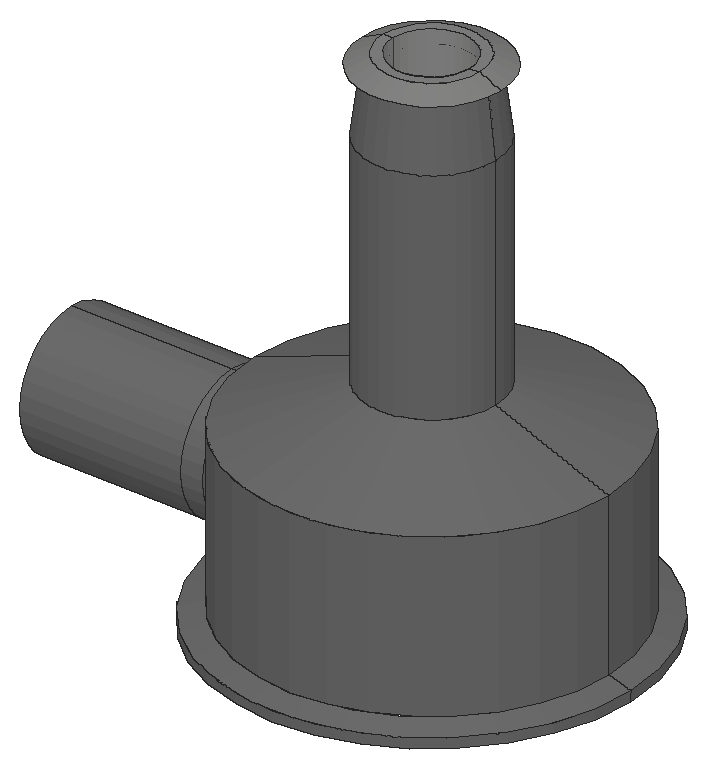
Revit family "Platek_Pico", category Apparecchi per illuminazione, host Superficie, Revit 2017 (continued)
Types (3, lengths in mm): name | Wattage | PLATEK Article Code | built-in parameter 1150142 | Luminaire Luminous Intensity | Luminaire Luminous Flux | built-in parameter 1150105 | built-in parameter 1150106 | Lumens | File diagramma fotometrico | Codice assieme | Beam Angle
    63.35 519.65 476.90 432.25 387.60 \r\n339.15 296.40 256.50 222.30 189.05 158.65 132.05 112.10 \r\n94.34 79.80 66.12 55.10 45.98 38.38 32.49 27.64 24.04 \r\n20.52 17.48 14.82 12.92 11.02 9.12 6.89 4.89 3.14 2.02 \r\n1.37 1.05 0.89 0.77 0.84 0.97 1.06 1.04 1.05 1.15 1.30 \r\n1.33 1.34 1.30 1.32 1.31 1.26 1.23 1.14 1.15 1.09 1.09 \r\n1.04 1.00 0.88 0.73 0.61 0.52 0.49 0.46 0.42 0.37 0.30 \r\n0.26 0.23 0.24 0.21 0.18 0.14 0.12 0.11 0.09 0.10 0.08 \r\n0.08 0.06 0.05 0.02 0.01 0.01 0.00 0.00 0.00 0.00 0.00 \r\n0.00 \r\n662.15 629.85 598.50 560.50 516.80 470.25 426.55 383.80 \r\n338.20 295.45 255.55 221.35 189.05 158.65 133.00 112.10 \r\n94.81 79.99 66.59 55.86 46.84 39.14 33.06 28.12 24.41 \r\n20.62 17.48 14.54 12.45 10.45 8.88 6.86 4.94 3.09 1.95 \r\n1.34 1.09 0.94 0.79 0.83 0.89 1.02 1.01 1.08 1.15 1.26 \r\n1.26 1.26 1.24 1.26 1.24 1.21 1.18 1.14 1.11 1.04 1.02 \r\n0.96 0.90 0.80 0.70 0.60 0.54 0.49 0.46 0.40 0.33 0.25 \r\n0.21 0.20 0.20 0.18 0.16 0.14 0.12 0.10 0.07 0.06 0.05 \r\n0.05 0.04 0.04 0.02 0.01 0.00 0.00 0.00 0.00 0.00 0.00 \r\n0.00 \r\n662.15 627.95 597.55 561.45 518.70 469.30 423.70 381.90 \r\n337.25 295.45 254.60 219.45 187.15 158.65 133.95 114.00 \r\n95.95 80.94 67.55 56.81 47.50 39.90 33.54 28.79 24.89 \r\n21.18 17.77 14.54 12.35 10.36 8.89 6.95 5.04 3.12 1.97 \r\n1.37 1.17 0.99 0.82 0.80 0.81 0.90 0.93 1.07 1.16 1.26 \r\n1.24 1.27 1.29 1.34 1.31 1.25 1.21 1.14 1.06 0.97 0.92 \r\n0.89 0.82 0.73 0.64 0.57 0.51 0.46 0.44 0.39 0.32 0.23 \r\n0.18 0.17 0.16 0.14 0.13 0.13 0.13 0.10 0.07 0.05 0.04 \r\n0.04 0.04 0.03 0.02 0.01 0.01 0.00 0.00 0.00 0.00 0.00 \r\n0.00 \r\n662.15 624.15 596.60 566.20 527.25 475.95 426.55 381.90 \r\n338.20 295.45 253.65 216.60 186.20 158.65 135.85 114.00 \r\n95.95 81.13 68.11 57.09 47.59 40.09 34.01 29.36 25.37 \r\n21.66 18.24 15.01 12.54 10.45 8.91 7.09 5.13 3.24 2.05 \r\n1.46 1.24 1.04 0.87 0.83 0.82 0.90 0.94 1.04 1.11 1.18 \r\n1.18 1.21 1.24 1.26 1.24 1.21 1.19 1.14 1.06 0.96 0.88 \r\n0.85 0.74 0.66 0.57 0.53 0.47 0.42 0.40 0.37 0.33 0.26 \r\n0.20 0.18 0.15 0.13 0.11 0.13 0.13 0.11 0.08 0.04 0.03 \r\n0.03 0.03 0.02 0.02 0.02 0.02 0.01 0.00 0.00 0.00 0.00 \r\n0.00 \r\n662.15 623.20 593.75 565.25 529.15 480.70 431.30 382.85 \r\n338.20 293.55 251.75 215.65 185.25 158.65 136.80 114.95 \r\n96.90 81.22 68.50 57.29 47.59 39.90 33.73 29.26 25.27 \r\n21.75 18.34 15.39 12.82 10.73 8.92 7.18 5.21 3.45 2.24 \r\n1.63 1.32 1.06 0.85 0.79 0.80 0.86 0.88 0.95 1.02 1.09 \r\n1.12 1.13 1.17 1.22 1.24 1.21 1.17 1.11 1.04 0.94 0.84 \r\n0.78 0.67 0.61 0.53 0.48 0.42 0.37 0.36 0.35 0.34 0.30 \r\n0.24 0.20 0.14 0.12 0.10 0.11 0.11 0.09 0.07 0.04 0.03 \r\n0.02 0.02 0.02 0.03 0.03 0.03 0.01 0.00 0.00 0.00 0.00 \r\n0.00 \r\n662.15 618.45 585.20 557.65 524.40 479.75 432.25 382.85 \r\n335.35 288.80 248.90 213.75 186.20 159.60 137.75 115.90 \r\n97.85 81.51 68.88 57.66 47.79 39.52 33.06 28.50 24.61 \r\n21.47 18.34 15.77 13.11 10.93 8.88 7.17 5.22 3.57 2.37 \r\n1.73 1.30 0.99 0.76 0.72 0.76 0.83 0.84 0.88 0.94 1.03 \r\n1.06 1.04 1.04 1.05 1.13 1.14 1.12 1.05 0.98 0.90 0.78 \r\n0.70 0.61 0.59 0.54 0.49 0.41 0.35 0.33 0.33 0.33 0.32 \r\n0.26 0.20 0.13 0.11 0.09 0.09 0.08 0.06 0.04 0.03 0.02 \r\n0.02 0.01 0.01 0.02 0.02 0.02 0.01 0.00 0.00 0.00 0.00 \r\n0.00 \r\n662.15 620.35 584.25 551.95 515.85 474.05 428.45 378.10 \r\n330.60 283.10 245.10 211.85 184.30 159.60 137.75 116.85 \r\n98.80 81.98 68.88 57.66 47.59 38.57 31.64 26.98 23.37 \r\n20.71 17.96 15.68 13.11 10.93 8.75 6.96 5.15 3.63 2.48 \r\n1.76 1.24 0.88 0.64 0.62 0.66 0.74 0.76 0.81 0.88 0.98 \r\n1.02 1.00 1.01 1.04 1.14 1.14 1.09 1.01 0.92 0.83 0.69 \r\n0.59 0.57 0.60 0.59 0.52 0.43 0.35 0.32 0.31 0.31 0.29 \r\n0.22 0.15 0.10 0.08 0.08 0.08 0.07 0.04 0.03 0.02 0.01 \r\n0.01 0.01 0.00 0.01 0.01 0.01 0.00 0.00 0.00 0.00 0.00 \r\n0.00 \r\n662.15 622.25 585.20 550.05 513.00 471.20 426.55 376.20 \r\n326.80 280.25 243.20 210.90 183.35 158.65 136.80 116.85 \r\n97.85 81.70 68.50 57.19 47.12 38.09 31.07 26.03 22.71 \r\n20.14 17.77 15.39 13.11 10.93 8.72 6.74 5.02 3.53 2.46 \r\n1.70 1.20 0.85 0.63 0.60 0.64 0.70 0.74 0.81 0.88 0.97 \r\n1.01 1.03 1.03 1.04 1.08 1.07 1.02 0.96 0.89 0.81 0.66 \r\n0.56 0.55 0.60 0.61 0.53 0.44 0.35 0.31 0.30 0.28 0.26 \r\n0.19 0.12 0.08 0.07 0.08 0.08 0.06 0.04 0.02 0.01 0.00 \r\n0.00 0.00 0.00 0.00 0.00 0.00 0.00 0.00 0.00 0.00 0.00 \r\n0.00 \r\n662.15 627.95 591.85 552.90 512.05 469.30 423.70 372.40 \r\n324.90 279.30 242.25 209.00 180.50 156.75 134.90 114.95 \r\n96.90 80.66 67.73 56.52 46.74 37.91 30.88 25.65 22.14 \r\n19.57 17.29 15.01 12.82 10.64 8.55 6.50 4.87 3.52 2.52 \r\n1.76 1.25 0.92 0.70 0.64 0.66 0.69 0.73 0.80 0.86 0.93 \r\n0.96 1.03 1.08 1.15 1.14 1.08 0.99 0.95 0.94 0.88 0.73 \r\n0.58 0.52 0.55 0.55 0.51 0.43 0.35 0.29 0.27 0.24 0.21 \r\n0.15 0.10 0.07 0.06 0.07 0.07 0.06 0.04 0.02 0.01 0.00 \r\n0.00 0.00 0.00 0.00 0.00 0.00 0.00 0.00 0.00 0.00 0.00 \r\n0.00 \r\n662.15 631.75 594.70 552.90 512.05 468.35 421.80 369.55 \r\n323.00 279.30 242.25 208.05 179.55 154.85 133.00 114.00 \r\n95.95 80.66 68.31 57.19 47.22 38.48 31.45 26.03 22.42 \r\n19.76 17.57 15.20 12.92 10.64 8.51 6.40 4.74 3.44 2.53 \r\n1.82 1.34 1.02 0.80 0.72 0.71 0.73 0.79 0.86 0.94 1.00 \r\n1.04 1.14 1.21 1.27 1.24 1.12 0.98 0.93 0.97 0.94 0.80 \r\n0.63 0.53 0.52 0.50 0.47 0.38 0.32 0.25 0.23 0.20 0.18 \r\n0.14 0.10 0.07 0.06 0.05 0.05 0.04 0.04 0.02 0.01 0.00 \r\n0.00 0.00 0.00 0.00 0.00 0.00 0.00 0.00 0.00 0.00 0.00 \r\n0.00 \r\n662.15 632.70 597.55 554.80 512.05 465.50 417.05 366.70 \r\n320.15 278.35 242.25 209.00 179.55 155.80 133.95 113.05 \r\n95.95 80.94 69.06 58.14 47.88 38.95 31.73 26.22 22.52 \r\n19.95 17.86 15.48 13.02 10.54 8.26 6.21 4.54 3.37 2.56 \r\n1.92 1.39 1.04 0.80 0.72 0.71 0.76 0.85 0.90 0.99 1.03 \r\n1.11 1.22 1.32 1.41 1.36 1.22 1.03 0.95 0.96 0.94 0.81 \r\n0.66 0.56 0.53 0.51 0.46 0.38 0.33 0.27 0.24 0.20 0.16 \r\n0.13 0.11 0.08 0.07 0.04 0.04 0.03 0.04 0.02 0.01 0.01 \r\n0.01 0.01 0.00 0.00 0.00 0.00 0.00 0.00 0.00 0.00 0.00 \r\n0.00 \r\n662.15 629.85 597.55 557.65 515.85 464.55 415.15 366.70 \r\n321.10 280.25 244.15 211.85 182.40 156.75 133.95 113.05 \r\n95.95 81.32 69.35 58.33 47.88 38.95 31.92 26.79 23.27 \r\n20.62 18.43 16.05 13.39 10.73 8.23 6.17 4.45 3.30 2.47 \r\n1.86 1.34 1.02 0.81 0.75 0.74 0.77 0.90 0.95 1.06 1.09 \r\n1.24 1.37 1.45 1.49 1.38 1.24 1.04 0.95 0.89 0.85 0.76 \r\n0.67 0.63 0.62 0.55 0.47 0.38 0.35 0.31 0.28 0.22 0.17 \r\n0.15 0.14 0.12 0.10 0.07 0.06 0.05 0.04 0.03 0.02 0.01 \r\n0.01 0.01 0.01 0.01 0.01 0.01 0.01 0.00 0.00 0.00 0.00 \r\n0.00 \r\n662.15 622.25 592.80 559.55 520.60 468.35 416.10 368.60 \r\n323.00 284.05 246.05 214.70 185.25 158.65 134.90 113.05 \r\n95.00 80.75 68.59 57.38 47.02 38.29 31.73 26.98 23.37 \r\n20.62 18.34 16.25 13.59 10.83 8.13 6.10 4.44 3.29 2.38 \r\n1.77 1.26 0.99 0.83 0.78 0.76 0.77 0.91 0.95 1.07 1.08 \r\n1.24 1.38 1.46 1.48 1.33 1.24 1.06 0.97 0.86 0.79 0.73 \r\n0.70 0.68 0.68 0.63 0.56 0.47 0.44 0.41 0.35 0.28 0.22 \r\n0.20 0.19 0.17 0.14 0.10 0.08 0.07 0.06 0.04 0.03 0.02 \r\n0.01 0.01 0.01 0.02 0.02 0.02 0.01 0.01 0.00 0.00 0.00 \r\n0.00 \r\n662.15 624.15 595.65 563.35 523.45 470.25 418.00 371.45 \r\n326.80 286.90 248.90 216.60 187.15 160.55 134.90 113.05 \r\n95.00 80.18 67.83 56.34 46.08 37.62 31.35 26.89 23.27 \r\n20.52 18.24 16.34 13.87 11.21 8.42 6.41 4.68 3.41 2.35 \r\n1.71 1.26 1.04 0.92 0.82 0.77 0.72 0.84 0.92 1.08 1.12 \r\n1.23 1.36 1.43 1.43 1.28 1.21 1.09 1.00 0.88 0.80 0.76 \r\n0.74 0.70 0.68 0.65 0.61 0.55 0.51 0.46 0.40 0.32 0.28 \r\n0.25 0.25 0.21 0.18 0.13 0.11 0.09 0.08 0.06 0.04 0.02 \r\n0.01 0.02 0.02 0.03 0.03 0.03 0.02 0.01 0.01 0.00 0.00 \r\n0.00 \r\n662.15 623.20 595.65 565.25 527.25 475.95 421.80 373.35 \r\n326.80 286.90 248.90 216.60 187.15 160.55 135.85 114.95 \r\n96.90 81.89 68.78 56.62 46.08 37.52 31.07 26.50 22.71 \r\n19.95 17.77 16.05 13.68 11.12 8.45 6.50 4.75 3.41 2.30 \r\n1.69 1.29 1.06 0.90 0.78 0.75 0.73 0.85 0.98 1.14 1.20 \r\n1.24 1.29 1.33 1.33 1.25 1.22 1.17 1.06 0.95 0.86 0.82 \r\n0.78 0.72 0.68 0.68 0.69 0.66 0.60 0.52 0.45 0.37 0.32 \r\n0.27 0.26 0.23 0.20 0.15 0.12 0.10 0.09 0.07 0.05 0.04 \r\n0.03 0.04 0.04 0.04 0.03 0.03 0.03 0.03 0.02 0.01 0.00 \r\n0.00 \r\n662.15 625.10 597.55 568.10 529.15 476.90 422.75 373.35 \r\n327.75 286.90 248.90 217.55 188.10 161.50 136.80 115.90 \r\n98.80 84.17 70.49 57.86 46.55 37.72 31.07 26.41 22.61 \r\n19.95 17.77 15.96 13.68 11.21 8.72 6.81 4.95 3.51 2.35 \r\n1.75 1.37 1.10 0.90 0.76 0.73 0.76 0.87 1.05 1.21 1.29 \r\n1.28 1.30 1.30 1.30 1.25 1.22 1.19 1.12 1.05 0.97 0.90 \r\n0.81 0.71 0.65 0.67 0.69 0.68 0.62 0.54 0.46 0.37 0.31 \r\n0.26 0.24 0.22 0.20 0.16 0.14 0.13 0.11 0.09 0.06 0.06 \r\n0.05 0.06 0.05 0.05 0.03 0.03 0.03 0.04 0.02 0.01 0.00 \r\n0.00 \r\n662.15 625.10 598.50 572.85 533.90 480.70 423.70 373.35 \r\n327.75 287.85 250.80 219.45 189.05 162.45 136.80 117.80 \r\n101.65 86.73 72.48 59.19 47.31 38.09 31.45 26.60 22.80 \r\n20.05 17.96 16.15 13.87 11.40 8.96 6.94 5.07 3.58 2.45 \r\n1.80 1.41 1.15 0.95 0.82 0.77 0.82 0.92 1.14 1.26 1.37 \r\n1.34 1.35 1.32 1.28 1.23 1.18 1.18 1.16 1.14 1.07 0.97 \r\n0.82 0.70 0.65 0.68 0.71 0.71 0.63 0.55 0.46 0.35 0.27 \r\n0.21 0.21 0.21 0.20 0.18 0.16 0.14 0.12 0.11 0.08 0.07 \r\n0.07 0.07 0.06 0.04 0.02 0.03 0.03 0.05 0.03 0.02 0.00 \r\n0.00 \r\n662.15 629.85 603.25 576.65 532.95 478.80 422.75 374.30 \r\n328.70 287.85 250.80 220.40 190.00 162.45 137.75 117.80 \r\n101.65 86.83 72.77 59.47 47.69 38.19 31.35 26.41 22.71 \r\n20.05 18.24 16.53 14.35 11.97 9.48 7.31 5.36 3.78 2.64 \r\n1.88 1.46 1.24 1.11 1.01 0.91 0.90 0.92 1.09 1.18 1.29 \r\n1.29 1.34 1.36 1.33 1.24 1.15 1.14 1.17 1.18 1.12 0.98 \r\n0.81 0.68 0.62 0.66 0.68 0.68 0.58 0.49 0.40 0.31 0.24 \r\n0.19 0.20 0.21 0.21 0.20 0.17 0.14 0.12 0.11 0.08 0.06 \r\n0.05 0.06 0.05 0.04 0.02 0.02 0.02 0.04 0.03 0.02 0.01 \r\n0.00 \r\n662.15 637.45 610.85 580.45 532.95 479.75 424.65 379.05 \r\n333.45 290.70 253.65 221.35 190.95 161.50 137.75 117.80 \r\n101.65 86.26 72.01 58.71 47.50 38.38 31.45 26.22 22.32 \r\n19.66 18.05 16.43 14.35 11.88 9.44 7.19 5.32 3.72 2.64 \r\n1.87 1.46 1.28 1.22 1.14 1.02 0.94 0.92 1.02 1.10 1.22 \r\n1.25 1.33 1.37 1.31 1.22 1.13 1.15 1.17 1.16 1.08 0.96 \r\n0.81 0.71 0.65 0.67 0.68 0.66 0.55 0.46 0.39 0.33 0.28 \r\n0.24 0.24 0.24 0.23 0.21 0.16 0.13 0.10 0.09 0.06 0.05 \r\n0.04 0.05 0.05 0.05 0.04 0.03 0.03 0.03 0.03 0.02 0.01 \r\n0.00 \r\n662.15 639.35 612.75 579.50 532.00 481.65 430.35 384.75 \r\n339.15 295.45 255.55 221.35 190.95 162.45 138.70 117.80 \r\n100.70 84.55 70.20 57.09 46.55 38.09 31.25 26.13 22.04 \r\n19.29 17.57 15.87 13.96 11.40 9.10 6.88 5.07 3.52 2.51 \r\n1.81 1.43 1.23 1.18 1.16 1.11 1.04 0.99 0.98 1.01 1.07 \r\n1.16 1.26 1.33 1.30 1.21 1.14 1.15 1.17 1.13 1.06 0.97 \r\n0.88 0.77 0.69 0.66 0.64 0.61 0.52 0.45 0.40 0.37 0.35 \r\n0.33 0.31 0.29 0.27 0.22 0.16 0.12 0.09 0.09 0.06 0.04 \r\n0.03 0.04 0.04 0.05 0.05 0.04 0.03 0.03 0.03 0.02 0.01 \r\n0.00 \r\n662.15 641.25 613.70 576.65 532.95 485.45 437.95 391.40 \r\n344.85 301.15 260.30 224.20 191.90 163.40 139.65 118.75 \r\n100.70 83.60 68.78 55.58 45.31 37.52 31.16 26.22 22.04 \r\n19.00 17.10 15.11 13.21 10.64 8.42 6.27 4.68 3.22 2.30 \r\n1.69 1.35 1.12 1.02 1.01 1.05 1.04 1.05 1.00 0.99 1.01 \r\n1.09 1.21 1.29 1.29 1.24 1.22 1.22 1.19 1.13 1.08 1.04 \r\n1.00 0.90 0.80 0.71 0.64 0.60 0.53 0.50 0.45 0.44 0.42 \r\n0.40 0.37 0.33 0.28 0.23 0.17 0.13 0.11 0.09 0.06 0.04 \r\n0.03 0.03 0.04 0.04 0.04 0.04 0.04 0.04 0.04 0.02 0.01 \r\n0.00 \r\n662.15 641.25 612.75 573.80 533.90 489.25 443.65 396.15 \r\n349.60 304.95 261.25 224.20 192.85 164.35 140.60 118.75 \r\n99.75 82.08 67.45 55.01 44.55 36.77 30.50 25.84 21.85 \r\n18.62 16.43 14.35 12.73 10.36 8.17 5.99 4.40 3.03 2.18 \r\n1.64 1.32 1.04 0.89 0.87 1.00 1.07 1.13 1.06 1.01 0.96 \r\n1.03 1.14 1.25 1.30 1.27 1.26 1.24 1.23 1.16 1.14 1.11 \r\n1.09 0.99 0.87 0.75 0.65 0.60 0.55 0.54 0.48 0.44 0.41 \r\n0.40 0.38 0.34 0.29 0.23 0.19 0.16 0.14 0.11 0.08 0.06 \r\n0.04 0.03 0.02 0.02 0.03 0.02 0.03 0.03 0.04 0.02 0.01 \r\n0.00 \r\n662.15 638.40 609.90 573.80 538.65 494.00 447.45 398.05 \r\n351.50 306.85 263.15 225.15 192.85 165.30 140.60 117.80 \r\n97.85 81.03 66.59 54.53 43.89 36.01 29.45 24.98 21.18 \r\n18.14 15.87 13.87 12.35 10.26 8.16 5.93 4.29 2.97 2.11 \r\n1.59 1.25 0.98 0.79 0.73 0.86 0.99 1.10 1.07 1.04 0.98 \r\n1.03 1.11 1.21 1.24 1.25 1.31 1.32 1.30 1.18 1.13 1.07 \r\n1.06 0.97 0.88 0.78 0.68 0.62 0.56 0.54 0.47 0.42 0.37 \r\n0.34 0.32 0.29 0.27 0.21 0.19 0.16 0.14 0.11 0.08 0.06 \r\n0.04 0.03 0.02 0.01 0.01 0.01 0.02 0.03 0.03 0.02 0.01 \r\n0.00 \r\n662.15 630.80 606.10 576.65 548.15 500.65 451.25 399.00 \r\n353.40 309.70 265.05 226.10 192.85 165.30 140.60 116.85 \r\n95.95 79.14 64.98 53.58 43.13 35.34 28.50 24.04 20.14 \r\n17.39 15.20 13.49 12.16 10.45 8.45 6.24 4.42 3.02 2.07 \r\n1.53 1.19 0.95 0.77 0.72 0.83 0.95 1.06 1.04 1.04 0.99 \r\n1.05 1.12 1.18 1.17 1.16 1.24 1.29 1.29 1.16 1.08 0.98 \r\n0.95 0.85 0.77 0.70 0.64 0.61 0.54 0.50 0.42 0.35 0.29 \r\n0.25 0.24 0.21 0.20 0.17 0.15 0.13 0.12 0.09 0.07 0.05 \r\n0.04 0.03 0.01 0.00 0.00 0.00 0.01 0.01 0.02 0.01 0.00 \r\n0.00 \r\n662.15 626.05 605.15 584.25 560.50 510.15 455.05 399.00 \r\n354.35 310.65 268.85 228.95 193.80 166.25 139.65 115.90 \r\n94.91 77.23 63.08 51.59 41.52 34.01 27.46 23.09 19.48 \r\n17.00 15.01 13.39 11.97 10.36 8.46 6.48 4.68 3.26 2.22 \r\n1.57 1.14 0.90 0.76 0.74 0.82 0.89 0.96 0.91 0.95 0.94 \r\n1.06 1.14 1.18 1.13 1.13 1.22 1.27 1.26 1.12 1.03 0.88 \r\n0.81 0.68 0.61 0.57 0.56 0.54 0.47 0.41 0.32 0.25 0.20 \r\n0.18 0.17 0.15 0.15 0.13 0.11 0.09 0.08 0.06 0.04 0.03 \r\n0.03 0.02 0.02 0.01 0.00 0.00 0.00 0.00 0.00 0.00 0.00 \r\n0.00 \r\n662.15 627.00 610.85 595.65 571.90 519.65 461.70 403.75 \r\n359.10 314.45 273.60 231.80 197.60 167.20 140.60 115.90 \r\n93.86 75.53 61.27 49.59 39.99 32.59 26.60 22.42 19.09 \r\n16.82 15.01 13.49 11.88 10.17 8.37 6.61 4.87 3.49 2.38 \r\n1.65 1.17 0.92 0.82 0.79 0.85 0.86 0.89 0.81 0.84 0.87 \r\n1.04 1.16 1.24 1.22 1.21 1.23 1.24 1.22 1.11 1.02 0.85 \r\n0.72 0.57 0.49 0.45 0.46 0.45 0.40 0.33 0.25 0.19 0.15 \r\n0.13 0.13 0.11 0.10 0.09 0.08 0.06 0.05 0.04 0.03 0.03 \r\n0.03 0.03 0.02 0.01 0.00 0.00 0.00 0.00 0.00 0.00 0.00 \r\n0.00 \r\n662.15 630.80 614.65 598.50 571.90 520.60 465.50 407.55 \r\n361.00 316.35 275.50 234.65 200.45 168.15 141.55 115.90 \r\n94.05 74.86 60.23 48.26 38.86 31.54 26.03 22.23 19.38 \r\n17.20 15.29 13.49 11.69 9.88 8.07 6.41 4.83 3.55 2.56 \r\n1.80 1.26 0.97 0.87 0.81 0.83 0.80 0.83 0.78 0.84 0.91 \r\n1.08 1.22 1.32 1.35 1.35 1.30 1.24 1.19 1.13 1.02 0.83 \r\n0.67 0.53 0.46 0.42 0.41 0.40 0.35 0.29 0.23 0.17 0.14 \r\n0.12 0.13 0.11 0.10 0.08 0.06 0.04 0.03 0.03 0.03 0.04 \r\n0.04 0.04 0.02 0.01 0.00 0.00 0.00 0.00 0.00 0.00 0.00 \r\n0.00 \r\n662.15 630.80 612.75 595.65 566.20 517.75 464.55 409.45 \r\n362.90 317.30 277.40 236.55 202.35 170.05 142.50 116.85 \r\n94.53 74.86 59.76 47.59 38.38 31.16 26.03 22.42 19.66 \r\n17.39 15.29 13.39 11.40 9.69 7.88 6.22 4.68 3.48 2.49 \r\n1.72 1.25 1.02 0.94 0.82 0.79 0.74 0.80 0.82 0.91 0.99 \r\n1.11 1.24 1.36 1.42 1.41 1.29 1.20 1.11 1.06 0.95 0.79 \r\n0.66 0.58 0.51 0.46 0.42 0.40 0.38 0.33 0.29 0.21 0.17 \r\n0.13 0.12 0.11 0.10 0.09 0.07 0.05 0.03 0.03 0.05 0.06 \r\n0.06 0.05 0.03 0.01 0.01 0.00 0.00 0.00 0.00 0.00 0.00 \r\n0.00 \r\n662.15 630.80 607.05 586.15 554.80 510.15 458.85 406.60 \r\n360.05 317.30 277.40 237.50 202.35 170.05 142.50 116.85 \r\n95.00 75.14 59.56 47.41 38.38 31.54 26.41 22.80 19.86 \r\n17.48 15.20 13.21 11.21 9.43 7.64 5.99 4.59 3.41 2.45 \r\n1.65 1.23 1.01 0.93 0.83 0.77 0.74 0.78 0.87 0.96 1.07 \r\n1.16 1.28 1.37 1.43 1.39 1.26 1.11 1.00 0.92 0.83 0.75 \r\n0.70 0.66 0.63 0.56 0.51 0.47 0.45 0.41 0.35 0.26 0.20 \r\n0.15 0.14 0.13 0.12 0.10 0.09 0.07 0.05 0.04 0.05 0.06 \r\n0.06 0.05 0.03 0.02 0.02 0.01 0.01 0.00 0.00 0.01 0.01 \r\n0.00 \r\n662.15 636.50 611.80 589.00 552.90 510.15 457.90 409.45 \r\n361.00 319.20 277.40 238.45 200.45 169.10 140.60 115.90 \r\n93.95 74.58 59.09 47.12 38.19 31.54 26.60 22.89 19.66 \r\n17.20 14.82 12.92 10.93 9.15 7.50 6.03 4.73 3.49 2.42 \r\n1.55 1.12 0.93 0.86 0.79 0.74 0.75 0.76 0.86 0.94 1.05 \r\n1.12 1.24 1.31 1.36 1.29 1.20 1.06 0.93 0.81 0.75 0.74 \r\n0.77 0.76 0.75 0.68 0.65 0.57 0.54 0.47 0.41 0.31 0.23 \r\n0.18 0.15 0.14 0.13 0.11 0.10 0.09 0.08 0.07 0.07 0.05 \r\n0.05 0.03 0.03 0.03 0.04 0.03 0.02 0.01 0.01 0.01 0.01 \r\n0.00 \r\n662.15 647.90 624.15 595.65 555.75 515.85 464.55 416.10 \r\n366.70 323.00 278.35 237.50 199.50 168.15 139.65 114.95 \r\n92.15 72.96 57.95 46.65 37.81 31.16 26.13 22.23 19.09 \r\n16.53 14.35 12.45 10.54 8.81 7.31 5.99 4.79 3.51 2.46 \r\n1.56 1.14 0.89 0.81 0.79 0.79 0.84 0.83 0.89 0.93 1.02 \r\n1.08 1.21 1.26 1.29 1.24 1.20 1.09 0.96 0.83 0.78 0.79 \r\n0.84 0.80 0.79 0.72 0.73 0.64 0.58 0.49 0.43 0.34
